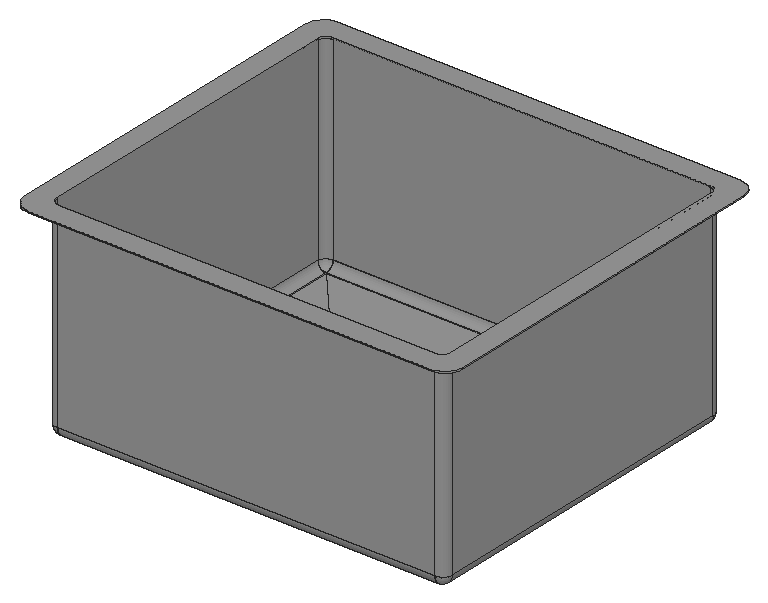
Revit family "BUILDMAT-SN101003-Penny-510-Stainless-Steel", category Plumbing Fixtures, host Face, Revit 2020
Family settings
  Host = Face
  Round Connector Dimension = Use Diameter
  Part Type = Normal
  Cut with Voids When Loaded = No
  Shared = No
  Room Calculation Point = No
Parameters (values of type "Penny 510x450x250mm")
  Width = 460.0 mm
  Undermount [instance] = 0.0 mm
  URL = "https://www.buildmat.com.au/products/510x450x250-single-bowl-sink"
  Side Sound Pad = no
  Side Brackets = yes
  Model = "SN101003"  # constant formula
  Middle Sound Pad = yes
  Middle Bracket = no
  Manufacturer URL = "https://www.buildmat.com.au/"
  Manufacturer = "BUILDMAT"  # constant formula
  Length = 400.0 mm
  Description = "BUILDMAT - Penny 510x450 Single Bowl Sink"  # constant formula
  Depth = 250.0 mm
  Default Elevation = 1219.2 mm
  Created By URL = "https://www.buildmat.com.au/"
  Created By = "BUILDMAT"  # constant formula
  Created = "22.06.2022"  # constant formula
  Material = BUILDMAT Stainless Steel
Reference planes
  plane 1 "Center (Front/Back)": y = 0
  plane 2: z = 0
  plane 3 "Center (Left/Right)": x = 0
  plane 4 "Top Substrate": z = 0
  plane 5 "Left": x = -230
  plane 6 "Right": x = 230
  plane 7 "Back": y = 200
  plane 8 "Front": y = -200
  plane 9: x = -255
  plane 10: x = 255
  plane 11: y = -225
  plane 12: y = 225
  plane 13 "Bottom Void": z = -250
  plane 14: z = 1.5
  plane 15: x = -231.5
  plane 16: y = -201.5
  plane 17: x = 231.5
  plane 18: y = 201.5
  plane 19: z = -240
  plane 20: z = -230
  plane 21: x = -220
  plane 22: x = 220
  plane 23: y = -190
  plane 24: y = 190
  plane 25: z = -245
  plane 26: z = -241.5
  plane 27: z = -246.5
  plane 28: x = -100
  plane 29: x = 100
  plane 30 "Sound Pad": z = -130
  plane 31 "Front Bracket": y = -100
  plane 32 "Back Bracket": y = 100
  plane 33: x = -130
  plane 34: x = 130
  plane 35: x = -57
  plane 36: x = 57
  plane 37: x = -45
  plane 38: x = 45
Forms (mm)
  Extrusion 1, void
    sketch origin (0, 0, 0) x (1, 0, 0) y (0, 1, 0)
      loop
        arc (-220, 200) -> (-227.071, 197.071) -> (-230, 190) r 10
        line (-230, 190) -> (-230, -190)
        arc (-230, -190) -> (-227.071, -197.071) -> (-220, -200) r 10
        line (-220, -200) -> (220, -200)
        arc (220, -200) -> (227.071, -197.071) -> (230, -190) r 10
        line (230, -190) -> (230, 190)
        arc (230, 190) -> (227.071, 197.071) -> (220, 200) r 10
        line (220, 200) -> (-220, 200)
    from 0 to 1.5
  Extrusion 2, void
    sketch origin (0, 0, 0) x (1, 0, 0) y (0, 1, 0)
      loop
        line (-231.5, 201.5) -> (-231.5, -201.5) -> (231.5, -201.5) -> (231.5, 201.5) -> (-231.5, 201.5)
    from 0 to -250
  Extrusion 3, void
    sketch origin (0, 0, 0) x (1, 0, 0) y (0, 1, 0)
      loop
        arc (-235, 225) -> (-249.142, 219.142) -> (-255, 205) r 20
        line (-255, 205) -> (-255, -205)
        arc (-255, -205) -> (-249.142, -219.142) -> (-235, -225) r 20
        line (-235, -225) -> (235, -225)
        arc (235, -225) -> (249.142, -219.142) -> (255, -205) r 20
        line (255, -205) -> (255, 205)
        arc (255, 205) -> (249.142, 219.142) -> (235, 225) r 20
        line (235, 225) -> (-235, 225)
    from 1.5 to 0
  Extrusion 4, solid, material "BUILDMAT Stainless Steel" <- "Material"
    sketch origin (0, 0, 0) x (-1, 0, 0) y (0, -1, 0)
      loop
        arc (235, -225) -> (249.142, -219.142) -> (255, -205) r 20
        line (255, -205) -> (255, 205)
        arc (255, 205) -> (249.142, 219.142) -> (235, 225) r 20
        line (235, 225) -> (-235, 225)
        arc (-235, 225) -> (-249.142, 219.142) -> (-255, 205) r 20
        line (-255, 205) -> (-255, -205)
        arc (-255, -205) -> (-249.142, -219.142) -> (-235, -225) r 20
        line (-235, -225) -> (235, -225)
      loop
        arc (220, -200) -> (227.071, -197.071) -> (230, -190) r 10
        line (230, -190) -> (230, 190)
        arc (230, 190) -> (227.071, 197.071) -> (220, 200) r 10
        line (220, 200) -> (-220, 200)
        arc (-220, 200) -> (-227.071, 197.071) -> (-230, 190) r 10
        line (-230, 190) -> (-230, -190)
        arc (-230, -190) -> (-227.071, -197.071) -> (-220, -200) r 10
        line (-220, -200) -> (220, -200)
    from 0 to 1.5
  Extrusion 5, solid, material "BUILDMAT Stainless Steel" <- "Material"
    sketch origin (0, 0, 0) x (-1, 0, 0) y (0, -1, 0)
      loop
        arc (220, -201.5) -> (228.132, -198.132) -> (231.5, -190) r 11.5
        line (231.5, -190) -> (231.5, 190)
        arc (231.5, 190) -> (228.132, 198.132) -> (220, 201.5) r 11.5
        line (220, 201.5) -> (-220, 201.5)
        arc (-220, 201.5) -> (-228.132, 198.132) -> (-231.5, 190) r 11.5
        line (-231.5, 190) -> (-231.5, -190)
        arc (-231.5, -190) -> (-228.132, -198.132) -> (-220, -201.5) r 11.5
        line (-220, -201.5) -> (220, -201.5)
      loop
        arc (-220, 200) -> (-227.071, 197.071) -> (-230, 190) r 10
        line (-230, 190) -> (-230, -190)
        arc (-230, -190) -> (-227.071, -197.071) -> (-220, -200) r 10
        line (-220, -200) -> (220, -200)
        arc (220, -200) -> (227.071, -197.071) -> (230, -190) r 10
        line (230, -190) -> (230, 190)
        arc (230, 190) -> (227.071, 197.071) -> (220, 200) r 10
        line (220, 200) -> (-220, 200)
    from 0 to -230
  Revolve 6, solid, material "BUILDMAT Stainless Steel" <- "Material"
    sketch origin (-175.162, 190, 1219.2) x (-1, 0, 0) y (0, 0, 1)
      loop
        line (-405.162, -1449.2) -> (-406.662, -1449.2)
        arc (-406.662, -1449.2) -> (-403.293, -1457.332) -> (-395.162, -1460.7) r 11.5
        line (-395.162, -1460.7) -> (-395.162, -1459.2)
        arc (-395.162, -1459.2) -> (-402.233, -1456.271) -> (-405.162, -1449.2) r 10
      axis (-395.162, -1460.7) -> (-395.162, -1449.2)
    angle from 0 to -90
  Revolve 7, solid, material "BUILDMAT Stainless Steel" <- "Material"
    sketch origin (-175.162, 190, 1219.2) x (-1, 0, 0) y (0, 0, 1)
      loop
        arc (54.838, -1449.2) -> (51.909, -1456.271) -> (44.838, -1459.2) r 10
        line (44.838, -1459.2) -> (44.838, -1460.7)
        arc (44.838, -1460.7) -> (52.97, -1457.332) -> (56.338, -1449.2) r 11.5
        line (56.338, -1449.2) -> (54.838, -1449.2)
      axis (44.838, -1449.2) -> (44.838, -1460.7)
    angle from 0 to -90
  Revolve 8, solid, material "BUILDMAT Stainless Steel" <- "Material"
    sketch origin (-175.162, -190, 1219.2) x (-1, 0, 0) y (0, 0, 1)
      loop
        arc (54.838, -1449.2) -> (51.909, -1456.271) -> (44.838, -1459.2) r 10
        line (44.838, -1459.2) -> (44.838, -1460.7)
        arc (44.838, -1460.7) -> (52.97, -1457.332) -> (56.338, -1449.2) r 11.5
        line (56.338, -1449.2) -> (54.838, -1449.2)
      axis (44.838, -1449.2) -> (44.838, -1460.7)
    angle from 0 to 90
  Revolve 9, solid, material "BUILDMAT Stainless Steel" <- "Material"
    sketch origin (-175.162, -190, 1219.2) x (-1, 0, 0) y (0, 0, 1)
      loop
        line (-405.162, -1449.2) -> (-406.662, -1449.2)
        arc (-406.662, -1449.2) -> (-403.293, -1457.332) -> (-395.162, -1460.7) r 11.5
        line (-395.162, -1460.7) -> (-395.162, -1459.2)
        arc (-395.162, -1459.2) -> (-402.233, -1456.271) -> (-405.162, -1449.2) r 10
      axis (-395.162, -1449.2) -> (-395.162, -1460.7)
    angle from 0 to 90
  Extrusion 10, solid, material "BUILDMAT Stainless Steel" <- "Material"
    sketch origin (0, 0, 0) x (1, 0, 0) y (0, 0, 1)
      loop
        line (-230, -230) -> (-231.5, -230)
        arc (-231.5, -230) -> (-228.132, -238.132) -> (-220, -241.5) r 11.5
        line (-220, -241.5) -> (-220, -240)
        arc (-220, -240) -> (-227.071, -237.071) -> (-230, -230) r 10
    from -190 to 190
  Extrusion 11, solid, material "BUILDMAT Stainless Steel" <- "Material"
    sketch origin (0, 0, 0) x (1, 0, 0) y (0, 0, 1)
      loop
        arc (230, -230) -> (227.071, -237.071) -> (220, -240) r 10
        line (220, -240) -> (220, -241.5)
        arc (220, -241.5) -> (228.132, -238.132) -> (231.5, -230) r 11.5
        line (231.5, -230) -> (230, -230)
    from -190 to 190
  Extrusion 12, solid, material "BUILDMAT Stainless Steel" <- "Material"
    sketch origin (0, 0, 0) x (0, 1, 0) y (0, 0, 1)
      loop
        arc (200, -230) -> (197.071, -237.071) -> (190, -240) r 10
        line (190, -240) -> (190, -241.5)
        arc (190, -241.5) -> (198.132, -238.132) -> (201.5, -230) r 11.5
        line (201.5, -230) -> (200, -230)
    from -220 to 220
  Extrusion 13, solid, material "BUILDMAT Stainless Steel" <- "Material"
    sketch origin (0, 0, 0) x (0, 1, 0) y (0, 0, 1)
      loop
        line (-200, -230) -> (-201.5, -230)
        arc (-201.5, -230) -> (-198.132, -238.132) -> (-190, -241.5) r 11.5
        line (-190, -241.5) -> (-190, -240)
        arc (-190, -240) -> (-197.071, -237.071) -> (-200, -230) r 10
    from -220 to 220
  Revolve 14, solid, material "BUILDMAT Stainless Steel" <- "Material"
    sketch origin (0, 0, 0) x (1, 0, 0) y (0, 0, 1)
      loop
        line (-45, -250) -> (-45, -248.5)
        spline (-45, -248.5) -> (-46.484, -248.459) -> (-47.939, -248.339) -> (-49.337, -248.141) -> (-50.649, -247.871) -> (-51.848, -247.537) -> (-52.908, -247.151) -> (-53.805, -246.726) -> (-54.514, -246.283) -> (-55.023, -245.856) -> (-55.329, -245.483) -> (-55.468, -245.202) -> (-55.5, -245)
        line (-55.5, -245) -> (-57, -245)
        spline (-57, -245) -> (-56.897, -245.653) -> (-56.591, -246.294) -> (-56.087, -246.913) -> (-55.392, -247.5) -> (-54.52, -248.044) -> (-53.485, -248.536) -> (-52.305, -248.967) -> (-51, -249.33) -> (-49.592, -249.619) -> (-48.106, -249.83) -> (-46.566, -249.957) -> (-45, -250)
      axis (0, -245) -> (0, -250)
    angle from 0 to 360
  Blend 15, solid, material "BUILDMAT Stainless Steel" <- "Material"
    base sketch origin (0, 0, 0) x (-1, 0, 0) y (0, -1, 0)
      loop
        circle (0, 0) r 57
    top sketch origin (0, 0, 0) x (-1, 0, 0) y (0, -1, 0)
      loop
        line (220, -190) -> (220, 190) -> (-220, 190) -> (-220, -190) -> (220, -190)
    from -246.5 to -241.5
  Blend 16, void
    base sketch origin (0, 0, 0) x (-1, 0, 0) y (0, -1, 0)
      loop
        circle (0, 0) r 57
    top sketch origin (0, 0, 0) x (-1, 0, 0) y (0, -1, 0)
      loop
        line (220, -190) -> (220, 190) -> (-220, 190) -> (-220, -190) -> (220, -190)
    from -245 to -240
  Extrusion 17, solid, material "BUILDMAT Stainless Steel" <- "Material"
    sketch origin (0, 0, 0) x (-1, 0, 0) y (0, -1, 0)
      loop
        line (220, -190) -> (220, 190) -> (-220, 190) -> (-220, -190) -> (220, -190)
    from -241.5 to -240
  Extrusion 18, void
    sketch origin (0, 0, 0) x (-1, 0, 0) y (0, -1, 0)
      loop
        circle (0, 0) r 57
    from -250 to -230
Cuts and joins
  joined: Extrusion 4, Extrusion 5
  joined: Revolve 6, Revolve 9
  joined: Revolve 7, Revolve 8
  Blend 16, Extrusion 18 cuts Blend 15
  Blend 16, Extrusion 18 cuts Extrusion 17
  joined: Blend 15, Extrusion 17
Lines and regions (mm)
  Masking region 1
    outline origin (0, 0, 0) x (1, 0, 0) y (0, 0, 1)
      loop
        line (230, 0) -> (-230, 0) -> (-230, -230)
        arc (-230, -230) -> (-227.071, -237.071) -> (-220, -240) r 10
        line (-220, -240) -> (-57, -245) -> (57, -245) -> (220, -240)
        arc (220, -240) -> (227.071, -237.071) -> (230, -230) r 10
        line (230, -230) -> (230, 0)
  Masking region 2
    outline origin (0, 0, 0) x (1, 0, 0) y (0, 0, 1)
      loop
        line (-100, -245.181) -> (-100, -250) -> (-57, -250) -> (-57, -246.5) -> (-100, -245.181)
  Masking region 3
    outline origin (0, 0, 0) x (1, 0, 0) y (0, 0, 1)
      loop
        line (57, -246.5) -> (57, -250) -> (100, -250) -> (100, -245.181) -> (57, -246.5)
Text (mm)
  text "Refer to www.buildmat.com.au for the most current product literature. \nAllow a +/- 5mm tolerance for dimensions shown in the product literature. \nPlease note product details are subject to change due to ongoing product development." at (0.056, -1035.857, 0), in view "Ref. Level"
Dimensions and locks
  "Undermount": plane 2 to plane 4 "Top Substrate"
  equal spacing: plane 5 "Left", plane 3 "Center (Left/Right)", plane 6 "Right"
  "Width": plane 5 "Left" to plane 6 "Right"
  "Length": plane 7 "Back" to plane 8 "Front"
  equal spacing: plane 7 "Back", plane 1 "Center (Front/Back)", plane 8 "Front"
  locked: plane 12 to plane 7 "Back" at 25
  locked: plane 8 "Front" to plane 11 at 25
  locked: plane 9 to plane 5 "Left" at 25
  locked: plane 6 "Right" to plane 10 at 25
  "Depth": plane 4 "Top Substrate" to plane 13 "Bottom Void"
  locked: plane 14 to plane 4 "Top Substrate" at 1.5
  locked: plane 18 to plane 7 "Back" at 1.5
  locked: plane 8 "Front" to plane 16 at 1.5
  plane 15 to plane 5 "Left" = 1.5 mm
  plane 6 "Right" to plane 17 = 1.5 mm
  plane 20 to plane 19 to plane 13 "Bottom Void" = 10.0 mm, 10.0 mm
  locked: plane 5 "Left" to plane 21 at 10
  locked: plane 22 to plane 6 "Right" at 10
  locked: plane 7 "Back" to plane 24 at 10
  locked: plane 23 to plane 8 "Front" at 10
  locked: plane 19 to plane 26 at 1.5
  locked: plane 25 to plane 13 "Bottom Void" at 5
  locked: plane 25 to plane 27 at 1.5
  plane 29 to plane 3 "Center (Left/Right)" to plane 28 = 100.0 mm locked, 100.0 mm locked
  locked: plane 30 "Sound Pad" to plane 13 "Bottom Void" at 120
  locked: plane 7 "Back" to plane 32 "Back Bracket" at 100
  locked: plane 31 "Front Bracket" to plane 8 "Front" at 100
  locked: plane 33 to plane 5 "Left" at 100
  locked: plane 6 "Right" to plane 34 at 100
  equal spacing: plane 3 "Center (Left/Right)", nested 15, plane 33
  equal spacing: plane 34, nested 16, plane 3 "Center (Left/Right)"
  plane 37 to plane 3 "Center (Left/Right)" to plane 38 = 45.0 mm locked, 45.0 mm locked
  plane 35 to plane 3 "Center (Left/Right)" to plane 36 = 57.0 mm locked, 57.0 mm locked
  aligned and locked: plane 2 to host face
  aligned and locked: level to host face
  aligned and locked: plane 8 "Front" to Extrusion 1 sketch curve
  aligned and locked: Extrusion 1 sketch curve to plane 7 "Back"
  aligned and locked: plane 5 "Left" to Extrusion 1 sketch curve
  aligned and locked: Extrusion 1 sketch curve to plane 6 "Right"
  aligned and locked: plane 2 to Extrusion 1
  aligned and locked: plane 14 to Extrusion 1
  aligned and locked: Extrusion 2 sketch curve to plane 16
  aligned and locked: Extrusion 2 sketch curve to plane 18
  aligned and locked: plane 15 to Extrusion 2 sketch curve
  aligned and locked: plane 17 to Extrusion 2 sketch curve
  aligned and locked: Extrusion 2 to plane 13 "Bottom Void"
  aligned and locked: plane 4 "Top Substrate" to Extrusion 2
  aligned and locked: plane 11 to Extrusion 3 sketch curve
  aligned and locked: plane 9 to Extrusion 3 sketch curve
  aligned and locked: Extrusion 3 sketch curve to plane 10
  aligned and locked: Extrusion 3 sketch curve to plane 12
  aligned and locked: Extrusion 3 to plane 4 "Top Substrate"
  aligned and locked: Extrusion 3 to plane 14
  aligned and locked: plane 11 to Extrusion 4 sketch curve
  aligned and locked: Extrusion 4 sketch curve to plane 12
  aligned and locked: plane 9 to Extrusion 4 sketch curve
  aligned and locked: Extrusion 4 sketch curve to plane 10
  aligned and locked: plane 5 "Left" to Extrusion 4 sketch curve
  aligned and locked: Extrusion 4 sketch curve to plane 6 "Right"
  aligned and locked: Extrusion 4 sketch curve to plane 7 "Back"
  aligned and locked: plane 8 "Front" to Extrusion 4 sketch curve
  aligned and locked: Extrusion 5 sketch curve to plane 7 "Back"
  aligned and locked: plane 5 "Left" to Extrusion 5 sketch curve
  aligned and locked: Extrusion 5 sketch curve to plane 6 "Right"
  aligned and locked: plane 8 "Front" to Extrusion 5 sketch curve
  aligned and locked: plane 15 to Extrusion 5 sketch curve
  aligned and locked: Extrusion 5 sketch curve to plane 16
  aligned and locked: plane 17 to Extrusion 5 sketch curve
  aligned and locked: Extrusion 5 sketch curve to plane 18
  aligned and locked: Extrusion 5 to plane 20
  aligned and locked: plane 4 "Top Substrate" to Extrusion 5
  aligned and locked: Extrusion 11 to plane 23
  aligned and locked: plane 24 to Extrusion 11
  aligned and locked: plane 24 to Extrusion 10
  aligned and locked: Extrusion 10 to plane 23
  aligned and locked: Extrusion 13 to plane 21
  aligned and locked: plane 22 to Extrusion 13
  aligned and locked: plane 22 to Extrusion 12
  aligned and locked: Extrusion 12 to plane 21
  aligned and locked: plane 21 to Blend 15 sketch curve
  aligned and locked: Blend 15 sketch curve to plane 22
  aligned and locked: Blend 15 sketch curve to plane 23
  aligned and locked: Blend 15 sketch curve to plane 24
  aligned and locked: plane 27 to Blend 15
  aligned and locked: Blend 15 to plane 26
  aligned and locked: Blend 16 sketch curve to plane 24
  aligned and locked: plane 21 to Blend 16 sketch curve
  aligned and locked: Blend 16 sketch curve to plane 22
  aligned and locked: Blend 16 sketch curve to plane 23
  aligned and locked: Blend 16 to plane 25
  aligned and locked: Blend 16 to plane 19
  aligned and locked: Extrusion 17 sketch curve to plane 24
  aligned and locked: Extrusion 17 sketch curve to plane 23
  aligned and locked: plane 21 to Extrusion 17 sketch curve
  aligned and locked: Extrusion 17 sketch curve to plane 22
  aligned and locked: Extrusion 17 to plane 26
  aligned and locked: Extrusion 17 to plane 19
  aligned and locked: Extrusion 18 to plane 13 "Bottom Void"
  aligned and locked: plane 20 to Extrusion 18
  aligned and locked: cut or joined group of Blend 15, Blend 16, Extrusion 17, Extrusion 18 to Masking region 2 sketch curve
  aligned and locked: Masking region 3 sketch curve to cut or joined group of Blend 15, Blend 16, Extrusion 17, Extrusion 18
  aligned and locked: plane 3 "Center (Left/Right)" to nested 1
  aligned and locked: nested 1 to plane 4 "Top Substrate"
  aligned and locked: plane 3 "Center (Left/Right)" to nested 2
  aligned and locked: nested 2 to plane 30 "Sound Pad"
  aligned and locked: nested 3 to plane 18
  aligned and locked: plane 3 "Center (Left/Right)" to nested 3
  aligned and locked: plane 16 to nested 4
  aligned and locked: nested 4 to plane 3 "Center (Left/Right)"
  aligned and locked: plane 31 "Front Bracket" to nested 6
  aligned and locked: plane 15 to nested 6
  aligned and locked: plane 31 "Front Bracket" to nested 8
  aligned and locked: plane 17 to nested 8
  aligned and locked: plane 32 "Back Bracket" to nested 7
  aligned and locked: plane 17 to nested 7
  aligned and locked: plane 32 "Back Bracket" to nested 5
  aligned and locked: plane 15 to nested 5
  aligned and locked: nested 9 to plane 4 "Top Substrate"
  aligned and locked: nested 9 to plane 33
  aligned and locked: nested 10 to plane 4 "Top Substrate"
  aligned and locked: nested 10 to plane 34
  aligned and locked: nested 13 to plane 33
  aligned and locked: nested 14 to plane 34
  aligned and locked: plane 16 to nested 13
  aligned and locked: nested 14 to plane 16
  aligned and locked: plane 33 to nested 11
  aligned and locked: nested 11 to plane 18
  aligned and locked: plane 34 to nested 12
  aligned and locked: nested 12 to plane 18
  aligned and locked: nested 15 to plane 30 "Sound Pad"
  aligned and locked: nested 16 to plane 30 "Sound Pad"
  aligned and locked: nested 17 to plane 23
  aligned and locked: nested 17 to plane 24
  aligned and locked: plane 22 to nested 17
  aligned and locked: plane 21 to nested 17
  aligned and locked: plane 3 "Center (Left/Right)" to nested 18
  aligned and locked: plane 1 "Center (Front/Back)" to nested 18
  aligned and locked: plane 4 "Top Substrate" to Masking region 1
Automatic sketch dimensions
  host sketch curve to host sketch curve = 2438.4 mm  (x2)
  plane 5 "Left" to Extrusion 1 sketch curve = 10.0 mm  (x2)
  Extrusion 1 sketch curve to plane 6 "Right" = 10.0 mm  (x2)
  Extrusion 4 sketch curve to plane 10 = 20.0 mm  (x2)
  Extrusion 4 sketch curve to Extrusion 4 sketch curve = 10.0 mm  (x2)
  plane 5 "Left" to Extrusion 4 sketch curve = 10.0 mm
  plane 9 to Extrusion 4 sketch curve = 20.0 mm
  plane 8 "Front" to Extrusion 4 sketch curve = 10.0 mm
  plane 11 to Extrusion 4 sketch curve = 20.0 mm
  Extrusion 3 sketch curve to plane 5 "Left" = 5.0 mm
  plane 6 "Right" to Extrusion 3 sketch curve = 5.0 mm  (x2)
  plane 7 "Back" to Extrusion 3 sketch curve = 5.0 mm
  plane 5 "Left" to Extrusion 5 sketch curve = 10.0 mm
  Extrusion 5 sketch curve to plane 6 "Right" = 10.0 mm
  plane 8 "Front" to Extrusion 5 sketch curve = 10.0 mm
  Extrusion 5 sketch curve to plane 7 "Back" = 10.0 mm
  Extrusion 5 sketch curve to Extrusion 5 sketch curve = 0.0 mm  (x4)
  Revolve 6 sketch curve to Revolve 6 sketch curve = 0.0 mm  (x3)
  plane 17 to Revolve 6 sketch curve = 0.0 mm
  Revolve 6 sketch curve to plane 6 "Right" = 0.0 mm
  Revolve 6 sketch curve to plane 22 = 0.0 mm  (x2)
  Revolve 6 sketch curve to plane 19 = 0.0 mm
  Revolve 6 sketch curve to plane 20 = 0.0 mm
  Revolve 7 sketch curve to Revolve 7 sketch curve = 0.0 mm  (x3)
  Revolve 7 sketch curve to plane 20 = 0.0 mm  (x2)
  Revolve 7 sketch curve to plane 21 = 0.0 mm  (x2)
  Revolve 7 sketch curve to plane 5 "Left" = 0.0 mm
  Revolve 7 sketch curve to plane 15 = 0.0 mm
  Revolve 8 sketch curve to Revolve 8 sketch curve = 0.0 mm  (x3)
  Revolve 8 sketch curve to plane 20 = 0.0 mm  (x2)
  Revolve 8 sketch curve to plane 21 = 0.0 mm  (x2)
  Revolve 8 sketch curve to plane 5 "Left" = 0.0 mm
  Revolve 8 sketch curve to plane 15 = 0.0 mm
  Revolve 9 sketch curve to Revolve 9 sketch curve = 0.0 mm  (x3)
  plane 17 to Revolve 9 sketch curve = 0.0 mm
  Revolve 9 sketch curve to plane 6 "Right" = 0.0 mm
  Revolve 9 sketch curve to plane 22 = 0.0 mm  (x2)
  Revolve 9 sketch curve to plane 20 = 0.0 mm
  Revolve 9 sketch curve to plane 19 = 0.0 mm
  Extrusion 10 sketch curve to plane 15 = 0.0 mm
  Extrusion 10 sketch curve to plane 5 "Left" = 0.0 mm
  Extrusion 10 sketch curve to plane 19 = 0.0 mm
  Extrusion 10 sketch curve to plane 21 = 0.0 mm
  Extrusion 11 sketch curve to plane 20 = 0.0 mm
  Extrusion 11 sketch curve to plane 22 = 0.0 mm
  Extrusion 11 sketch curve to plane 6 "Right" = 0.0 mm
  plane 17 to Extrusion 11 sketch curve = 0.0 mm
  Extrusion 12 sketch curve to plane 20 = 0.0 mm
  Extrusion 12 sketch curve to plane 24 = 0.0 mm
  Extrusion 12 sketch curve to plane 7 "Back" = 0.0 mm
  Extrusion 12 sketch curve to plane 18 = 0.0 mm
  Extrusion 13 sketch curve to plane 16 = 0.0 mm
  Extrusion 13 sketch curve to plane 8 "Front" = 0.0 mm
  Extrusion 13 sketch curve to plane 23 = 0.0 mm
  Extrusion 13 sketch curve to plane 19 = 0.0 mm
  Revolve 14 sketch curve to plane 25 = 0.0 mm
  Revolve 14 sketch curve to plane 13 "Bottom Void" = 0.0 mm  (x2)
  Revolve 14 sketch curve to plane 3 "Center (Left/Right)" = 0.0 mm
  Revolve 14 sketch curve to plane 20 = 0.0 mm
  Revolve 14 sketch curve to plane 3 "Center (Left/Right)" = 45.0 mm
  Revolve 14 sketch curve to Revolve 14 sketch curve = 10.5 mm
  Revolve 14 sketch curve to Revolve 14 sketch curve = 1.5 mm  (x2)
  Revolve 14 sketch curve to Revolve 14 sketch curve = 0.0 mm
  plane 1 "Center (Front/Back)" to Blend 15 sketch curve = 0.0 mm
  Blend 15 sketch curve to plane 3 "Center (Left/Right)" = 0.0 mm
  plane 1 "Center (Front/Back)" to Blend 16 sketch curve = 0.0 mm
  Blend 16 sketch curve to plane 3 "Center (Left/Right)" = 0.0 mm
  plane 1 "Center (Front/Back)" to Extrusion 18 sketch curve = 0.0 mm
  Extrusion 18 sketch curve to plane 3 "Center (Left/Right)" = 0.0 mm
  Masking region 1 sketch curve to level = 0.0 mm
  Masking region 1 sketch curve to plane 20 = 0.0 mm
  Masking region 1 sketch curve to plane 21 = 0.0 mm
  Masking region 1 sketch curve to plane 25 = 0.0 mm
  Masking region 1 sketch curve to plane 3 "Center (Left/Right)" = 57.0 mm
  plane 3 "Center (Left/Right)" to Masking region 1 sketch curve = 57.0 mm
  Masking region 1 sketch curve to plane 19 = 0.0 mm
  Masking region 1 sketch curve to plane 22 = 0.0 mm
  Masking region 1 sketch curve to plane 6 "Right" = 0.0 mm
  Masking region 1 sketch curve to plane 5 "Left" = 0.0 mm
  Masking region 2 sketch curve to plane 28 = 0.0 mm
  Masking region 2 sketch curve to plane 13 "Bottom Void" = 0.0 mm
  Masking region 2 sketch curve to plane 27 = 0.0 mm
  Masking region 3 sketch curve to plane 27 = 0.0 mm
  Masking region 3 sketch curve to plane 13 "Bottom Void" = 0.0 mm
  Masking region 3 sketch curve to plane 29 = 0.0 mm
  radius of Blend 15 sketch curve = 57.0 mm
  radius of Blend 16 sketch curve = 57.0 mm
  radius of Extrusion 18 sketch curve = 57.0 mm
Nested families
  nested 1: "TMB_Front" at (0, 0, 0) x (1, 0, 0) z (0, -1, 0), visible <- "Middle Bracket", type "TMB_Front"
  nested 2: "SP_Front" at (0, 0, -130) x (1, 0, 0) z (0, -1, 0), visible <- "Middle Sound Pad", type "SP_Front"
  nested 3: "TMB_Plan" at (0, 201.5, 0), visible <- "Middle Bracket", type "TMB_Plan"
  nested 4: "TMB_Plan" at (0, -201.5, 0) x (-1, 0, 0) z (0, 0, 1), visible <- "Middle Bracket", type "TMB_Plan"
  nested 5: "TMB_Plan" at (-231.5, 100, 0) x (0, 1, 0) z (0, 0, 1), type "TMB_Plan"
  nested 6: "TMB_Plan" at (-231.5, -100, 0) x (0, 1, 0) z (0, 0, 1), type "TMB_Plan"
  nested 7: "TMB_Plan" at (231.5, 100, 0) x (0, -1, 0) z (0, 0, 1), type "TMB_Plan"
  nested 8: "TMB_Plan" at (231.5, -100, 0) x (0, -1, 0) z (0, 0, 1), type "TMB_Plan"
  nested 9: "TMB_Front" at (-130, 0, 0) x (1, 0, 0) z (0, -1, 0), visible <- "Side Brackets", type "TMB_Front"
  nested 10: "TMB_Front" at (130, 0, 0) x (1, 0, 0) z (0, -1, 0), visible <- "Side Brackets", type "TMB_Front"
  nested 11: "TMB_Plan" at (-130, 201.5, 0), visible <- "Side Brackets", type "TMB_Plan"
  nested 12: "TMB_Plan" at (130, 201.5, 0), visible <- "Side Brackets", type "TMB_Plan"
  nested 13: "TMB_Plan" at (-130, -201.5, 0) x (-1, 0, 0) z (0, 0, 1), visible <- "Side Brackets", type "TMB_Plan"
  nested 14: "TMB_Plan" at (130, -201.5, 0) x (-1, 0, 0) z (0, 0, 1), visible <- "Side Brackets", type "TMB_Plan"
  nested 15: "SP_Front" at (-65, 0, -130) x (1, 0, 0) z (0, -1, 0), visible <- "Side Sound Pad", type "SP_Front"
  nested 16: "SP_Front" at (65, 0, -130) x (1, 0, 0) z (0, -1, 0), visible <- "Side Sound Pad", type "SP_Front"
  nested 17: "BOWL Plan" at (0, 0, -130), type "BOWL Plan"
    with Width 440.0 mm, Lenght 380.0 mm
  nested 18: "DRAIN" at (0, 0, 0), type "DRAIN"
Definition of nested family "TMB_Front"
  Reference planes
    plane 1 "Center (Elevation)": y = 0
    plane 2: z = 0
    plane 3 "Center (Left/Right)": x = 0
  Lines and regions (mm)
    Masking region 1, in view "Ref. Level"
      outline origin (0, 0, 0) x (1, 0, 0) y (0, 1, 0)
        loop
          line (-17.5, 0) -> (-17.5, -80) -> (17.5, -80) -> (17.5, 0) -> (-17.5, 0)
    detail lines, in view "Ref. Level"
      curve 1: line (-17.5, 0, 0) -> (-17.5, -80, 0)
      curve 2: line (-17.5, -80, 0) -> (17.5, -80, 0)
      curve 3: line (17.5, -80, 0) -> (17.5, 0, 0)
      curve 4: line (-12.5, -50, 0) -> (12.5, -50, 0)
      curve 5: line (-12.5, -75, 0) -> (-12.5, -50, 0)
      curve 6: line (12.5, -75, 0) -> (-12.5, -75, 0)
      curve 7: line (12.5, -50, 0) -> (12.5, -75, 0)
Definition of nested family "SP_Front"
  Reference planes
    plane 1 "Center (Elevation)": y = 0
    plane 2: z = 0
    plane 3 "Center (Left/Right)": x = 0
  Lines and regions (mm)
    Masking region 1, in view "Ref. Level"
      outline origin (0, 0, 0) x (1, 0, 0) y (0, 1, 0)
        loop
          arc (-50, 40) -> (-57.071, 37.071) -> (-60, 30) r 10
          line (-60, 30) -> (-60, -30)
          arc (-60, -30) -> (-57.071, -37.071) -> (-50, -40) r 10
          line (-50, -40) -> (50, -40)
          arc (50, -40) -> (57.071, -37.071) -> (60, -30) r 10
          line (60, -30) -> (60, 30)
          arc (60, 30) -> (57.071, 37.071) -> (50, 40) r 10
          line (50, 40) -> (-50, 40)
    detail lines, in view "Ref. Level"
      curve 1: line (-50, 40, 0) -> (50, 40, 0)
      curve 2: line (50, -40, 0) -> (-50, -40, 0)
      curve 3: line (60, 30, 0) -> (60, -30, 0)
      curve 4: line (-60, 30, 0) -> (-60, -30, 0)
      curve 5: arc (-50, 40, 0) -> (-57.071, 37.071, 0) -> (-60, 30, 0) r 10
      curve 6: arc (-60, -30, 0) -> (-57.071, -37.071, 0) -> (-50, -40, 0) r 10
      curve 7: arc (50, -40, 0) -> (57.071, -37.071, 0) -> (60, -30, 0) r 10
      curve 8: arc (60, 30, 0) -> (57.071, 37.071, 0) -> (50, 40, 0) r 10
  Dimensions and locks
    aligned and locked: Masking region 1 sketch curve to curve 1
    aligned and locked: Masking region 1 sketch curve to curve 4
    aligned and locked: Masking region 1 sketch curve to curve 2
    aligned and locked: Masking region 1 sketch curve to curve 3
Definition of nested family "TMB_Plan"
  Reference planes
    plane 1 "Center (Front/Back)": y = 0
    plane 2: z = 0
    plane 3 "Center (Left/Right)": x = 0
  Lines and regions (mm)
    detail lines, in view "Ref. Level"
      curve 1: line (-17.5, 0, 0) -> (17.5, 0, 0)
      curve 2: line (17.5, 0, 0) -> (17.5, 5, 0)
      curve 3: line (17.5, 5, 0) -> (12.5, 5, 0)
      curve 4: line (-17.5, 0, 0) -> (-17.5, 5, 0)
      curve 5: line (-17.5, 5, 0) -> (-12.5, 5, 0)
Definition of nested family "BOWL Plan"
  Parameters (values of type "BOWL Plan")
    Width [instance] = 600.0 mm
    Lenght [instance] = 400.0 mm
  Reference planes
    plane 1 "Center (Front/Back)": y = 0
    plane 2: z = 0
    plane 3 "Center (Left/Right)": x = 0
    plane 4 "Left": x = -300
    plane 5 "Right": x = 300
    plane 6 "Back": y = 200
    plane 7 "Front": y = -200
  Lines and regions (mm)
    Masking region 1, in view "Ref. Level"
      outline origin (0, 0, 0) x (1, 0, 0) y (0, 1, 0)
        loop
          line (-300, 200) -> (-300, -200) -> (300, -200) -> (300, 200) -> (-300, 200)
    detail lines, in view "Ref. Level"
      curve 1: line (-300, 200, 0) -> (300, -200, 0)
      curve 2: line (-300, -200, 0) -> (300, 200, 0)
  Dimensions and locks
    equal spacing: plane 6 "Back", plane 1 "Center (Front/Back)", plane 7 "Front"
    "Lenght": plane 6 "Back" to plane 7 "Front"
    equal spacing: plane 4 "Left", plane 3 "Center (Left/Right)", plane 5 "Right"
    "Width": plane 4 "Left" to plane 5 "Right"
    aligned and locked: plane 4 "Left" to Masking region 1 sketch curve
    aligned and locked: Masking region 1 sketch curve to plane 5 "Right"
    aligned and locked: plane 7 "Front" to Masking region 1 sketch curve
    aligned and locked: Masking region 1 sketch curve to plane 6 "Back"
  Automatic sketch dimensions
    curve 2 to plane 4 "Left" = 0.0 mm
    curve 1 to plane 4 "Left" = 0.0 mm
    curve 2 to plane 5 "Right" = 0.0 mm
    curve 1 to plane 5 "Right" = 0.0 mm
    curve 1 to plane 7 "Front" = 0.0 mm
    curve 2 to plane 7 "Front" = 0.0 mm
    curve 2 to plane 6 "Back" = 0.0 mm
    curve 1 to plane 6 "Back" = 0.0 mm
Definition of nested family "DRAIN"
  Reference planes
    plane 1 "Center (Front/Back)": y = 0
    plane 2: z = 0
    plane 3 "Center (Left/Right)": x = 0
  Lines and regions (mm)
    Masking region 1, in view "Ref. Level"
      outline origin (0, 0, 0) x (1, 0, 0) y (0, 1, 0)
        loop
          circle (0, 0) r 57
    detail lines, in view "Ref. Level"
      curve 1: circle (0, 0, 0) r 45 normal (0, 0, 1)
      curve 2: circle (0, 0, 0) r 55.5 normal (0, 0, 1)
